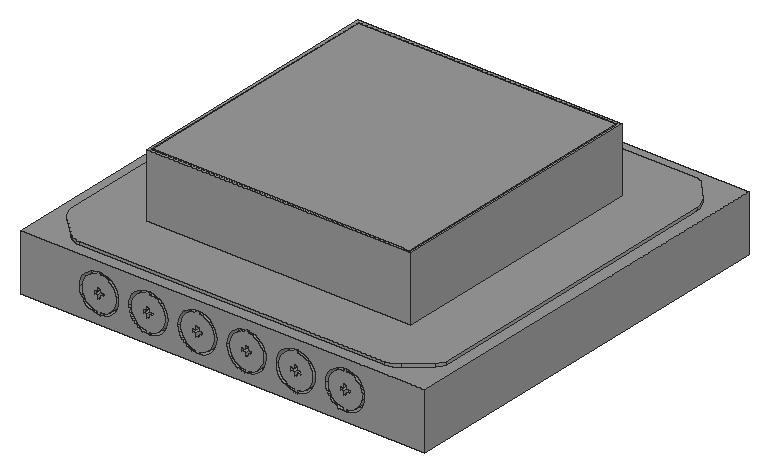
Revit family "Unterflur-Gerätedose- UDSSD 25038 4", category Generic Models, Revit 2017
Family settings
  Can host rebar = No
  Round Connector Dimension = Use Diameter
  Part Type = Normal
  Work Plane-Based = No
  Always vertical = Yes
  Cut with Voids When Loaded = No
  Shared = No
  Room Calculation Point = No
Parameters (values of type "UDSSD 25038 4")
  URL = "http://www.obo-bettermann.com"
  Material = Strip-galvanised
  Manufacturer Art.No. = "7400349"
  Manufacturer = "Obo Bettermann"
  GTIN = "4012195729778"
  Cut's number = 6
  Article Type = "UDSSD 25038 4"
Reference planes
  plane 1 "Center (Front/Back)": y = 0
  plane 2: z = 0
  plane 3 "Center (Left/Right)": x = 0
  plane 4: x = 122
  plane 5: y = 23
  plane 6: x = 122
  plane 7: y = 23
  plane 8: x = -122
  plane 9: y = 267
  plane 10: y = 267
  plane 11: x = -122
  plane 12: z = 2
  plane 13: y = 145
  plane 14: y = 145
  plane 15: z = -43
  plane 16: z = 51
  plane 17: z = 49
  plane 18: z = -21.5
  plane 19: x = -93.75
  plane 20: x = 93.75
  plane 21: y = 145
  plane 22: z = -21.5
  plane 23: x = -56.288
  plane 24: x = 131.212
  plane 25: z = -21.5
  plane 26: x = -18.826
  plane 27: x = 168.674
  plane 28: z = -21.5
  plane 29: x = 18.636
  plane 30: x = 206.136
  plane 31: z = -21.5
  plane 32: x = 56.098
  plane 33: x = 243.598
  plane 34: z = -21.5
  plane 35: x = 93.56
  plane 36: x = 281.06
Forms (mm)
  Extrusion 1, solid, material "Strip-galvanised" <- "Material"
    sketch origin (0, 0, 0) x (1, 0, 0) y (0, 1, 0)
      loop
        arc (145, 261.434) -> (144.063, 266.653) -> (141.368, 271.219) r 14.996
        line (141.368, 271.219) -> (128.164, 286.554)
        arc (128.164, 286.554) -> (125.293, 288.654) -> (122, 290) r 14.645
        line (122, 290) -> (-115.797, 290)
        arc (-115.797, 290) -> (-121.524, 288.861) -> (-126.379, 285.617) r 14.965
        line (-126.379, 285.617) -> (-140.606, 271.391)
        arc (-140.606, 271.391) -> (-143.845, 267.306) -> (-145, 262.222) r 11.763
        line (-145, 262.222) -> (-145, 29.206)
        arc (-145, 29.206) -> (-143.858, 23.464) -> (-140.605, 18.597) r 15.004
        line (-140.605, 18.597) -> (-126.319, 4.31)
        arc (-126.319, 4.31) -> (-125.531, 3.588) -> (-124.682, 2.937) r 12.257
        arc (-124.682, 2.937) -> (-120.464, 0.753) -> (-115.775, 0) r 14.977
        line (-115.775, 0) -> (116.442, 0)
        arc (116.442, 0) -> (121.654, 0.934) -> (126.216, 3.621) r 15
        line (126.216, 3.621) -> (141.585, 16.823)
        arc (141.585, 16.823) -> (143.666, 19.705) -> (145, 23) r 14.79
        line (145, 23) -> (145, 261.434)
    from 0 to 2
  Extrusion 2, solid, material "Strip-galvanised" <- "Material"
    sketch origin (0, 0, 0) x (1, 0, 0) y (0, 1, 0)
      loop
        line (-100.5, 245.5) -> (-100.5, 44.5) -> (100.5, 44.5) -> (100.5, 245.5) -> (-100.5, 245.5)
      loop
        line (-98.5, 243.5) -> (-98.5, 46.5) -> (98.5, 46.5) -> (98.5, 243.5) -> (-98.5, 243.5)
    from 2 to 51
  Extrusion 3, solid, material "Strip-galvanised" <- "Material"
    sketch origin (0, 0, 0) x (1, 0, 0) y (0, 1, 0)
      loop
        line (-98.5, 243.5) -> (-98.5, 46.5) -> (98.5, 46.5) -> (98.5, 243.5) -> (-98.5, 243.5)
    from 49 to 51
  Extrusion 4, solid, material "Strip-galvanised" <- "Material"
    sketch origin (0, 0, 0) x (1, 0, 0) y (0, 1, 0)
      loop
        line (-154, 299) -> (-154, -9) -> (154, -9) -> (154, 299) -> (-154, 299)
    from 0 to -43
  Extrusion 5, void
    sketch origin (0, 0, 0) x (1, 0, 0) y (0, 0, 1)
      loop
        circle (-93.75, -21.5) r 15
      loop
        line (-95, -17.719) -> (-95, -20.187) -> (-97.5, -20.187) -> (-97.5, -22.687) -> (-95, -22.687) -> (-95, -25.227) -> (-92.5, -25.227) -> (-92.5, -22.687) -> (-90, -22.687) -> (-90, -20.187) -> (-92.5, -20.187) -> (-92.5, -17.719) -> (-95, -17.719)
      loop
        arc (-95, -8.56) -> (-106.75, -21.5) -> (-95, -34.44) r 13
        line (-95, -34.44) -> (-95, -35.984)
        arc (-95, -35.984) -> (-93.75, -36.073) -> (-92.5, -35.984) r 8.736
        line (-92.5, -35.984) -> (-92.5, -34.44)
        arc (-92.5, -34.44) -> (-80.75, -21.5) -> (-92.5, -8.56) r 13
        line (-92.5, -8.56) -> (-92.5, -7.021)
        arc (-92.5, -7.021) -> (-93.75, -6.878) -> (-95, -7.021) r 5.56
        line (-95, -7.021) -> (-95, -8.56)
    from 0 to 9
  Extrusion 6, void
    sketch origin (37.462, 0, 0) x (1, 0, 0) y (0, 0, 1)
      loop
        circle (-93.75, -21.5) r 15
      loop
        line (-95, -17.719) -> (-95, -20.187) -> (-97.5, -20.187) -> (-97.5, -22.687) -> (-95, -22.687) -> (-95, -25.227) -> (-92.5, -25.227) -> (-92.5, -22.687) -> (-90, -22.687) -> (-90, -20.187) -> (-92.5, -20.187) -> (-92.5, -17.719) -> (-95, -17.719)
      loop
        arc (-95, -8.56) -> (-106.75, -21.5) -> (-95, -34.44) r 13
        line (-95, -34.44) -> (-95, -35.984)
        arc (-95, -35.984) -> (-93.75, -36.073) -> (-92.5, -35.984) r 8.736
        line (-92.5, -35.984) -> (-92.5, -34.44)
        arc (-92.5, -34.44) -> (-80.75, -21.5) -> (-92.5, -8.56) r 13
        line (-92.5, -8.56) -> (-92.5, -7.021)
        arc (-92.5, -7.021) -> (-93.75, -6.878) -> (-95, -7.021) r 5.56
        line (-95, -7.021) -> (-95, -8.56)
    from 0 to 9
  Extrusion 7, void
    sketch origin (74.924, 0, 0) x (1, 0, 0) y (0, 0, 1)
      loop
        circle (-93.75, -21.5) r 15
      loop
        line (-95, -17.719) -> (-95, -20.187) -> (-97.5, -20.187) -> (-97.5, -22.687) -> (-95, -22.687) -> (-95, -25.227) -> (-92.5, -25.227) -> (-92.5, -22.687) -> (-90, -22.687) -> (-90, -20.187) -> (-92.5, -20.187) -> (-92.5, -17.719) -> (-95, -17.719)
      loop
        arc (-95, -8.56) -> (-106.75, -21.5) -> (-95, -34.44) r 13
        line (-95, -34.44) -> (-95, -35.984)
        arc (-95, -35.984) -> (-93.75, -36.073) -> (-92.5, -35.984) r 8.736
        line (-92.5, -35.984) -> (-92.5, -34.44)
        arc (-92.5, -34.44) -> (-80.75, -21.5) -> (-92.5, -8.56) r 13
        line (-92.5, -8.56) -> (-92.5, -7.021)
        arc (-92.5, -7.021) -> (-93.75, -6.878) -> (-95, -7.021) r 5.56
        line (-95, -7.021) -> (-95, -8.56)
    from 0 to 9
  Extrusion 8, void
    sketch origin (112.386, 0, 0) x (1, 0, 0) y (0, 0, 1)
      loop
        circle (-93.75, -21.5) r 15
      loop
        line (-95, -17.719) -> (-95, -20.187) -> (-97.5, -20.187) -> (-97.5, -22.687) -> (-95, -22.687) -> (-95, -25.227) -> (-92.5, -25.227) -> (-92.5, -22.687) -> (-90, -22.687) -> (-90, -20.187) -> (-92.5, -20.187) -> (-92.5, -17.719) -> (-95, -17.719)
      loop
        arc (-95, -8.56) -> (-106.75, -21.5) -> (-95, -34.44) r 13
        line (-95, -34.44) -> (-95, -35.984)
        arc (-95, -35.984) -> (-93.75, -36.073) -> (-92.5, -35.984) r 8.736
        line (-92.5, -35.984) -> (-92.5, -34.44)
        arc (-92.5, -34.44) -> (-80.75, -21.5) -> (-92.5, -8.56) r 13
        line (-92.5, -8.56) -> (-92.5, -7.021)
        arc (-92.5, -7.021) -> (-93.75, -6.878) -> (-95, -7.021) r 5.56
        line (-95, -7.021) -> (-95, -8.56)
    from 0 to 9
  Extrusion 9, void
    sketch origin (149.848, 0, 0) x (1, 0, 0) y (0, 0, 1)
      loop
        circle (-93.75, -21.5) r 15
      loop
        line (-95, -17.719) -> (-95, -20.187) -> (-97.5, -20.187) -> (-97.5, -22.687) -> (-95, -22.687) -> (-95, -25.227) -> (-92.5, -25.227) -> (-92.5, -22.687) -> (-90, -22.687) -> (-90, -20.187) -> (-92.5, -20.187) -> (-92.5, -17.719) -> (-95, -17.719)
      loop
        arc (-95, -8.56) -> (-106.75, -21.5) -> (-95, -34.44) r 13
        line (-95, -34.44) -> (-95, -35.984)
        arc (-95, -35.984) -> (-93.75, -36.073) -> (-92.5, -35.984) r 8.736
        line (-92.5, -35.984) -> (-92.5, -34.44)
        arc (-92.5, -34.44) -> (-80.75, -21.5) -> (-92.5, -8.56) r 13
        line (-92.5, -8.56) -> (-92.5, -7.021)
        arc (-92.5, -7.021) -> (-93.75, -6.878) -> (-95, -7.021) r 5.56
        line (-95, -7.021) -> (-95, -8.56)
    from 0 to 9
  Extrusion 10, void
    sketch origin (187.31, 0, 0) x (1, 0, 0) y (0, 0, 1)
      loop
        circle (-93.75, -21.5) r 15
      loop
        line (-95, -17.719) -> (-95, -20.187) -> (-97.5, -20.187) -> (-97.5, -22.687) -> (-95, -22.687) -> (-95, -25.227) -> (-92.5, -25.227) -> (-92.5, -22.687) -> (-90, -22.687) -> (-90, -20.187) -> (-92.5, -20.187) -> (-92.5, -17.719) -> (-95, -17.719)
      loop
        arc (-95, -8.56) -> (-106.75, -21.5) -> (-95, -34.44) r 13
        line (-95, -34.44) -> (-95, -35.984)
        arc (-95, -35.984) -> (-93.75, -36.073) -> (-92.5, -35.984) r 8.736
        line (-92.5, -35.984) -> (-92.5, -34.44)
        arc (-92.5, -34.44) -> (-80.75, -21.5) -> (-92.5, -8.56) r 13
        line (-92.5, -8.56) -> (-92.5, -7.021)
        arc (-92.5, -7.021) -> (-93.75, -6.878) -> (-95, -7.021) r 5.56
        line (-95, -7.021) -> (-95, -8.56)
    from 0 to 9
Cuts and joins
  Extrusion 5, Extrusion 6, Extrusion 7, Extrusion 8, Extrusion 9, Extrusion 10 cuts Extrusion 4
Dimensions and locks
  locked: Extrusion 1 sketch curve to plane 3 "Center (Left/Right)" at 145
  locked: plane 3 "Center (Left/Right)" to Extrusion 1 sketch curve at 145
  plane 4 to Extrusion 1 sketch curve = 23 mm
  Extrusion 1 sketch curve to plane 8 = 23 mm
  plane 9 to Extrusion 1 sketch curve = 23 mm
  plane 10 to Extrusion 1 sketch curve = 23 mm
  plane 6 to Extrusion 1 sketch curve = 23 mm
  Extrusion 1 sketch curve to plane 11 = 23 mm
  locked: Extrusion 1 sketch curve to Extrusion 1 sketch curve at 290
  locked: Extrusion 1 sketch curve to Extrusion 1 sketch curve at 20.236
  locked: Extrusion 1 sketch curve to Extrusion 1 sketch curve at 20.204
  locked: Extrusion 1 sketch curve to Extrusion 1 sketch curve at 20.119
  locked: Extrusion 1 sketch curve to Extrusion 1 sketch curve at 20.26
  locked: plane 12 to level at 2
  locked: Extrusion 1 to plane 13 at 145
  locked: Extrusion 2 sketch curve to plane 3 "Center (Left/Right)" at 100.5
  locked: plane 3 "Center (Left/Right)" to Extrusion 2 sketch curve at 100.5
  locked: plane 13 to Extrusion 2 sketch curve at 100.5  (x2)
  locked: Extrusion 2 sketch curve to Extrusion 2 sketch curve at 2  (x4)
  locked: Extrusion 2 to Extrusion 2 at 197  (x2)
  locked: plane 1 "Center (Front/Back)" to Extrusion 2 at 46.5
  locked: Extrusion 2 to plane 3 "Center (Left/Right)" at 98.5
  locked: Extrusion 4 sketch curve to Extrusion 4 sketch curve at 308
  locked: plane 1 "Center (Front/Back)" to plane 14 at 145
  locked: plane 14 to Extrusion 4 sketch curve at 154
  locked: plane 3 "Center (Left/Right)" to Extrusion 4 sketch curve at 154
  locked: Extrusion 4 sketch curve to plane 3 "Center (Left/Right)" at 154
  locked: level to plane 15 at 43
  locked: plane 16 to level at 51
  locked: plane 16 to plane 17 at 2
  locked: Extrusion 5 sketch curve to Extrusion 5 sketch curve at 2.5  (x3)
  locked: Extrusion 5 sketch curve to plane 19 at 1.25  (x3)
  locked: plane 19 to Extrusion 5 sketch curve at 3.75
  locked: Extrusion 5 sketch curve to plane 19 at 3.75
  locked: plane 18 to Extrusion 5 sketch curve at 3.727
  locked: Extrusion 5 sketch curve to plane 18 at 3.781
  locked: Extrusion 5 sketch curve to plane 18 at 13
  locked: Extrusion 5 sketch curve to plane 19 at 15
  locked: plane 1 "Center (Front/Back)" to plane 21 at 145
  locked: Extrusion 6 sketch curve to Extrusion 6 sketch curve at 2.5  (x3)
  locked: Extrusion 6 sketch curve to plane 23 at 1.25  (x3)
  locked: plane 23 to Extrusion 6 sketch curve at 3.75
  locked: Extrusion 6 sketch curve to plane 23 at 3.75
  locked: plane 22 to Extrusion 6 sketch curve at 3.727
  locked: Extrusion 6 sketch curve to plane 22 at 3.781
  locked: Extrusion 6 sketch curve to plane 22 at 13
  locked: Extrusion 6 sketch curve to plane 23 at 15
  equal spacing: group 1, group 2, group 3, group 4, group 5, group 6  (x3)
  locked: Extrusion 7 sketch curve to Extrusion 7 sketch curve at 2.5  (x3)
  locked: Extrusion 7 sketch curve to plane 26 at 1.25  (x3)
  locked: plane 26 to Extrusion 7 sketch curve at 3.75
  locked: Extrusion 7 sketch curve to plane 26 at 3.75
  locked: plane 25 to Extrusion 7 sketch curve at 3.727
  locked: Extrusion 7 sketch curve to plane 25 at 3.781
  locked: Extrusion 7 sketch curve to plane 25 at 13
  locked: Extrusion 7 sketch curve to plane 26 at 15
  locked: Extrusion 8 sketch curve to Extrusion 8 sketch curve at 2.5  (x3)
  locked: Extrusion 8 sketch curve to plane 29 at 1.25  (x3)
  locked: plane 29 to Extrusion 8 sketch curve at 3.75
  locked: Extrusion 8 sketch curve to plane 29 at 3.75
  locked: plane 28 to Extrusion 8 sketch curve at 3.727
  locked: Extrusion 8 sketch curve to plane 28 at 3.781
  locked: Extrusion 8 sketch curve to plane 28 at 13
  locked: Extrusion 8 sketch curve to plane 29 at 15
  locked: Extrusion 9 sketch curve to Extrusion 9 sketch curve at 2.5  (x3)
  locked: Extrusion 9 sketch curve to plane 32 at 1.25  (x3)
  locked: plane 32 to Extrusion 9 sketch curve at 3.75
  locked: Extrusion 9 sketch curve to plane 32 at 3.75
  locked: plane 31 to Extrusion 9 sketch curve at 3.727
  locked: Extrusion 9 sketch curve to plane 31 at 3.781
  locked: Extrusion 9 sketch curve to plane 31 at 13
  locked: Extrusion 9 sketch curve to plane 32 at 15
  locked: Extrusion 10 sketch curve to Extrusion 10 sketch curve at 2.5  (x3)
  locked: Extrusion 10 sketch curve to plane 35 at 1.25  (x3)
  locked: plane 35 to Extrusion 10 sketch curve at 3.75
  locked: Extrusion 10 sketch curve to plane 35 at 3.75
  locked: plane 34 to Extrusion 10 sketch curve at 3.727
  locked: Extrusion 10 sketch curve to plane 34 at 3.781
  locked: Extrusion 10 sketch curve to plane 34 at 13
  locked: Extrusion 10 sketch curve to plane 35 at 15
  locked: cut or joined group of Extrusion 4, Extrusion 5, Extrusion 6, Extrusion 7, Extrusion 8, Extrusion 9, Extrusion 10 to cut or joined group of Extrusion 4, Extrusion 5, Extrusion 6, Extrusion 7, Extrusion 8, Extrusion 9, Extrusion 10 at 6.5  (x6)
  aligned and locked: level to plane 2
  aligned and locked: plane 5 to Extrusion 1 sketch curve
  aligned and locked: plane 6 to Extrusion 1 sketch curve
  aligned and locked: plane 1 "Center (Front/Back)" to Extrusion 1 sketch curve
  aligned and locked: plane 1 "Center (Front/Back)" to Extrusion 1
  aligned and locked: plane 12 to Extrusion 1
  aligned and locked: Extrusion 2 to Extrusion 1
  aligned and locked: Extrusion 4 to plane 15
  aligned and locked: level to Extrusion 4
  aligned and locked: plane 16 to Extrusion 2
  aligned and locked: Extrusion 2 to plane 12
  aligned and locked: Extrusion 2 to Extrusion 3
  aligned and locked: Extrusion 3 to plane 17
  aligned and locked: Extrusion 5 sketch curve to Extrusion 5 sketch curve  (x5)
  aligned and locked: Extrusion 5 to plane 1 "Center (Front/Back)"
  aligned and locked: Extrusion 4 to Extrusion 5
  aligned and locked: Extrusion 6 sketch curve to Extrusion 6 sketch curve  (x5)
  aligned and locked: Extrusion 7 sketch curve to Extrusion 7 sketch curve  (x5)
  aligned and locked: Extrusion 8 sketch curve to Extrusion 8 sketch curve  (x5)
  aligned and locked: Extrusion 9 sketch curve to Extrusion 9 sketch curve  (x5)
  aligned and locked: Extrusion 10 sketch curve to Extrusion 10 sketch curve  (x5)
Automatic sketch dimensions
  Extrusion 5 sketch curve to Extrusion 5 sketch curve = 0 mm  (x5)
  Extrusion 5 sketch curve to plane 18 = 0 mm
  Extrusion 5 sketch curve to plane 19 = 0 mm
  Extrusion 5 sketch curve to Extrusion 5 sketch curve = 1.544 mm
  Extrusion 5 sketch curve to Extrusion 5 sketch curve = 2.11 mm
  Extrusion 5 sketch curve to plane 18 = 1.187 mm
  plane 18 to Extrusion 5 sketch curve = 1.313 mm  (x2)
  Extrusion 5 sketch curve to Extrusion 5 sketch curve = 3.878 mm
  Extrusion 5 sketch curve to Extrusion 5 sketch curve = 1.54 mm
  plane 9 to Extrusion 1 sketch curve = 4.391 mm
  Extrusion 1 sketch curve to Extrusion 1 sketch curve = 4.394 mm
  Extrusion 1 sketch curve to plane 5 = 4.403 mm
  Extrusion 1 sketch curve to Extrusion 1 sketch curve = 4.395 mm
  Extrusion 1 sketch curve to plane 9 = 4.778 mm
  plane 5 to Extrusion 1 sketch curve = 6.206 mm
  Extrusion 1 sketch curve to plane 8 = 4.379 mm
  plane 8 to Extrusion 1 sketch curve = 4.348 mm
  Extrusion 1 sketch curve to Extrusion 1 sketch curve = 1.877 mm
  Extrusion 1 sketch curve to plane 4 = 5.558 mm
  Extrusion 1 sketch curve to plane 4 = 3.853 mm
  Extrusion 1 sketch curve to plane 1 "Center (Front/Back)" = 3.621 mm
  plane 4 to Extrusion 1 sketch curve = 4.216 mm
  plane 4 to Extrusion 1 sketch curve = 6.164 mm
  Extrusion 1 sketch curve to plane 9 = 5.566 mm
  plane 4 to Extrusion 1 sketch curve = 8.004 mm
  plane 5 to Extrusion 1 sketch curve = 3.86 mm
  Extrusion 1 sketch curve to Extrusion 1 sketch curve = 1.999 mm
  Extrusion 3 sketch curve to plane 3 "Center (Left/Right)" = 98.5 mm
  Extrusion 3 sketch curve to plane 1 "Center (Front/Back)" = 46.5 mm
  plane 3 "Center (Left/Right)" to Extrusion 3 sketch curve = 98.5 mm
  plane 21 to Extrusion 3 sketch curve = 98.5 mm
  Extrusion 6 sketch curve to Extrusion 6 sketch curve = 0 mm  (x5)
  Extrusion 6 sketch curve to plane 22 = 0 mm
  Extrusion 6 sketch curve to plane 23 = 0 mm
  Extrusion 6 sketch curve to Extrusion 6 sketch curve = 1.544 mm
  Extrusion 6 sketch curve to Extrusion 6 sketch curve = 2.11 mm
  Extrusion 6 sketch curve to plane 22 = 1.187 mm
  plane 22 to Extrusion 6 sketch curve = 1.313 mm  (x2)
  Extrusion 6 sketch curve to Extrusion 6 sketch curve = 3.878 mm
  Extrusion 6 sketch curve to Extrusion 6 sketch curve = 1.54 mm
  Extrusion 7 sketch curve to Extrusion 7 sketch curve = 0 mm  (x5)
  Extrusion 7 sketch curve to plane 25 = 0 mm
  Extrusion 7 sketch curve to plane 26 = 0 mm
  Extrusion 7 sketch curve to Extrusion 7 sketch curve = 1.544 mm
  Extrusion 7 sketch curve to Extrusion 7 sketch curve = 2.11 mm
  Extrusion 7 sketch curve to plane 25 = 1.187 mm
  plane 25 to Extrusion 7 sketch curve = 1.313 mm  (x2)
  Extrusion 7 sketch curve to Extrusion 7 sketch curve = 3.878 mm
  Extrusion 7 sketch curve to Extrusion 7 sketch curve = 1.54 mm
  Extrusion 8 sketch curve to Extrusion 8 sketch curve = 0 mm  (x5)
  Extrusion 8 sketch curve to plane 28 = 0 mm
  Extrusion 8 sketch curve to plane 29 = 0 mm
  Extrusion 8 sketch curve to Extrusion 8 sketch curve = 1.544 mm
  Extrusion 8 sketch curve to Extrusion 8 sketch curve = 2.11 mm
  Extrusion 8 sketch curve to plane 28 = 1.187 mm
  plane 28 to Extrusion 8 sketch curve = 1.313 mm  (x2)
  Extrusion 8 sketch curve to Extrusion 8 sketch curve = 3.878 mm
  Extrusion 8 sketch curve to Extrusion 8 sketch curve = 1.54 mm
  Extrusion 9 sketch curve to Extrusion 9 sketch curve = 0 mm  (x5)
  Extrusion 9 sketch curve to plane 31 = 0 mm
  Extrusion 9 sketch curve to plane 32 = 0 mm
  Extrusion 9 sketch curve to Extrusion 9 sketch curve = 1.544 mm
  Extrusion 9 sketch curve to Extrusion 9 sketch curve = 2.11 mm
  Extrusion 9 sketch curve to plane 31 = 1.187 mm
  plane 31 to Extrusion 9 sketch curve = 1.313 mm  (x2)
  Extrusion 9 sketch curve to Extrusion 9 sketch curve = 3.878 mm
  Extrusion 9 sketch curve to Extrusion 9 sketch curve = 1.54 mm
  Extrusion 10 sketch curve to Extrusion 10 sketch curve = 0 mm  (x5)
  Extrusion 10 sketch curve to plane 34 = 0 mm
  Extrusion 10 sketch curve to plane 35 = 0 mm
  Extrusion 10 sketch curve to Extrusion 10 sketch curve = 1.544 mm
  Extrusion 10 sketch curve to Extrusion 10 sketch curve = 2.11 mm
  Extrusion 10 sketch curve to plane 34 = 1.187 mm
  plane 34 to Extrusion 10 sketch curve = 1.313 mm  (x2)
  Extrusion 10 sketch curve to Extrusion 10 sketch curve = 3.878 mm
  Extrusion 10 sketch curve to Extrusion 10 sketch curve = 1.54 mm
